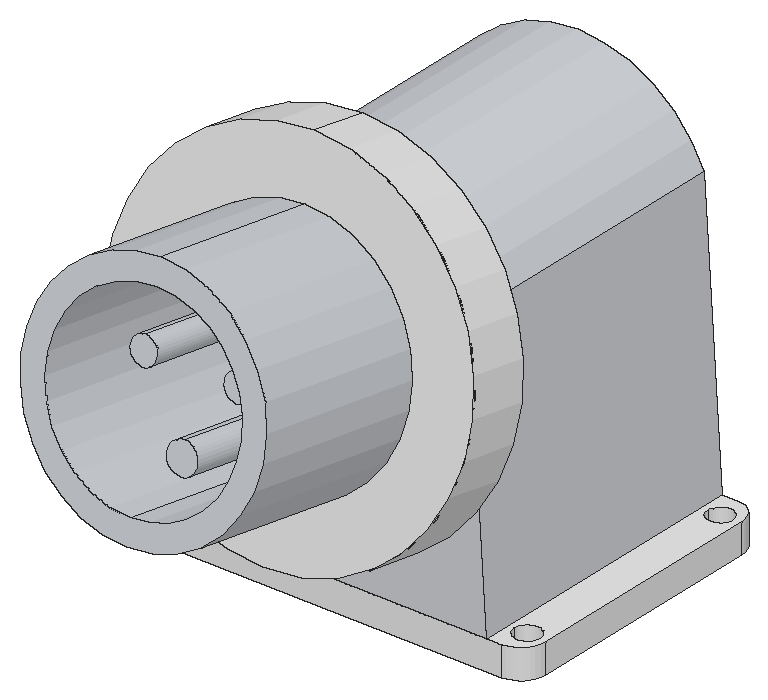
Revit family "Building-ConnessioniIEC309-GEWISS-IEC309HP-SPINE_FISSE_PAR_90°_16A_IP67", category Apparecchi elettrici, host Superficie, Revit 2019
Family settings
  Host = Superficie
  Mantenere orientamento annotazione = Sì
  Quota connettore circolare = Usa diametro
  Tipo di parte = Normale
  Taglio con vuoti quando caricato = No
  Condiviso = Sì
  Punto di calcolo locali = Sì
Parameters (values of type "GW60433 - SPINA 90°PAR.STAG.3P+N+T 16A 500V 7H")
  simbolo acceso [instance] = yes
  distanza_simbolo [instance] = 1 mm
  distanza dal piano [instance] = 0 mm
  W = 115 mm  # constant formula
  Versione file RFA = "21.11"
  URL = "https://www.gewiss.com/it/it"
  Tipologia = "Spina fissa da parete 90°"
  Tipo Cablaggio = "A vite"
  Termopressione con biglia = "125 °C (Parti attive) - 80 °C (Parti passive)"
  Tensione nominale = "480-500V"
  Temperatura di utilizzo = "-25 +55 °C"
  Spostamento_effettivo_S [instance] = 4000 mm - Spostamento_S  # 3045 mm
  Spostamento_S = 955 mm
  Sovraccarico ammissibile = "22A"
  Scheda Tecnica = "https://www.gewiss.com/it/it/search?q=GW60433"
  SPinotto = Default(2)
  SEO = "Spina"
  Riferimento h = "7"
  Resistenza di isolamento = "- 10 M?"
  Resistenza agli urti = "IK08"
  Default Elevation = 1219.2 mm
  Produttore = "GEWISS S.p.A."
  Potere d'interruzione a 1,1 Un = "20A"
  Piastra = Default(2)
  N. poli = "3P+N+T"
  N. Manovre complessive = "-5000"
  Modello = "GW60433"
  L = 155 mm  # constant formula
  Immagine tipo = (empty or 0)
  IDT = "2b37e56dcb534f2a9ad3b794fb4abd05"
  IDF = "768baf7d-4d58-4697-bc6a-93314c947f05"
  Grado di protezione = "IP67"
  Glow wire test: = "850 °C (Parti attive) - 650 °C (Parti passive)"
  Frequenza = "50/60 Hz"
  FORMULA = 1000 mm * 1  # 1000 mm
  Descrizione = "SPINA 90°PAR.STAG.3P+N+T 16A 500V 7H"
  Creato da GEWISS S.p.A. = ""
  Corrente nominale (A) = "16"
  Corpo centrale = Default(2)
  Colore: = "Nero"
  Codice Electrocod = "2230"
  Catalogo = "BUILDING"
  CapacitÃ  serraggio morsetti = "1-2,5 mm² cavi flessibili - 1,5-4 mm² cavi rigidi"
  COBie.Tagnumber = ""
  COBie.CreatedOn = ""
  COBie.CreatebBy = ""
  COBie.ComponentRegisterItemID = ""
  COBie.Component.TagNumber = ""
  COBie.Component.Space = ""
  COBie.Component.SerialNumber = ""
  COBie.Component.InstallationDate = ""
  COBie.Component.Description = ""
  COBie.Component.BarCode = ""
  BLOCCO = "B=C"
Types (11, lengths in mm): name | Tensione nominale | Scheda Tecnica | Riferimento h | N. poli | Modello | IDT | Descrizione | Colore:
  GW60423 - SPINA 90°PAR.STAG.2P+T 16A 110V 4H | "100-130V" | "https://www.gewiss.com/it/it/search?q=GW60423" | "4" | "2P+T" | "GW60423" | "f5b44bdc06d542498c993d102d007d02" | "SPINA 90°PAR.STAG.2P+T 16A 110V 4H" | "Giallo"
  GW60424 - SPINA 90°PAR.STAG.3P+T 16A 110V 4H | "100-130V" | "https://www.gewiss.com/it/it/search?q=GW60424" | "4" | "3P+T" | "GW60424" | "f4f3f08fc6514442af8cdd7d1aa51c58" | "SPINA 90°PAR.STAG.3P+T 16A 110V 4H" | "Giallo"
  GW60425 - SPINA 90°PAR.STAG.3P+N+T 16A 110V 4H | "100-130V" | "https://www.gewiss.com/it/it/search?q=GW60425" | "4" | "3P+N+T" | "GW60425" | "808fd83d4e2c48a3ab33c15e41309be9" | "SPINA 90°PAR.STAG.3P+N+T 16A 110V 4H" | "Giallo"
  GW60426 - SPINA 90°PAR.STAG.2P+T 16A 230V 6H | "200-250V" | "https://www.gewiss.com/it/it/search?q=GW60426" | "6" | "2P+T" | "GW60426" | "697b99747c3b4a82aeac98fdcb2f6f41" | "SPINA 90°PAR.STAG.2P+T 16A 230V 6H" | "Blu"
  GW60427 - SPINA 90°PAR.STAG.3P+T 16A 230V 9H | "200-250V" | "https://www.gewiss.com/it/it/search?q=GW60427" | "9" | "3P+T" | "GW60427" | "1a9037738b0a4c6fbaa3dfc0945013f8" | "SPINA 90°PAR.STAG.3P+T 16A 230V 9H" | "Blu"
  GW60428 - SPINA 90°PAR.STAG.3P+N+T 16A 230V 9H | "200-250V" | "https://www.gewiss.com/it/it/search?q=GW60428" | "9" | "3P+N+T" | "GW60428" | "aec228e1f89b4d9da6fa041c90d4f35f" | "SPINA 90°PAR.STAG.3P+N+T 16A 230V 9H" | "Blu"
  GW60429 - SPINA 90°PAR.STAG.2P+T 16A 400V 9H | "380-415V" | "https://www.gewiss.com/it/it/search?q=GW60429" | "9" | "2P+T" | "GW60429" | "f90fa8f5ed0e4f90801fd373c4ebb1a7" | "SPINA 90°PAR.STAG.2P+T 16A 400V 9H" | "Rosso"
  GW60430 - SPINA 90°PAR.STAG.3P+T 16A 400V 6H | "380-415V" | "https://www.gewiss.com/it/it/search?q=GW60430" | "6" | "3P+T" | "GW60430" | "4bc64be7871b402a897f09b18e9db4e9" | "SPINA 90°PAR.STAG.3P+T 16A 400V 6H" | "Rosso"
  GW60431 - SPINA 90°PAR.STAG.3P+N+T 16A 400V 6H | "380-415V" | "https://www.gewiss.com/it/it/search?q=GW60431" | "6" | "3P+N+T" | "GW60431" | "ea6c0d721b564b25be428356c9a25925" | "SPINA 90°PAR.STAG.3P+N+T 16A 400V 6H" | "Rosso"
  GW60432 - SPINA 90°PAR.STAG.3P+T 16A 500V 7H | "480-500V" | "https://www.gewiss.com/it/it/search?q=GW60432" | "7" | "3P+T" | "GW60432" | "ac129e0cc1de47fe8638024a65a71a28" | "SPINA 90°PAR.STAG.3P+T 16A 500V 7H" | "Nero"
  GW60433 - SPINA 90°PAR.STAG.3P+N+T 16A 500V 7H | "480-500V" | "https://www.gewiss.com/it/it/search?q=GW60433" | "7" | "3P+N+T" | "GW60433" | "2b37e56dcb534f2a9ad3b794fb4abd05" | "SPINA 90°PAR.STAG.3P+N+T 16A 500V 7H" | "Nero"
Reference planes
  plane 1 "Centro (Fronte/Retro)": y = 0
  plane 2: z = 0
  plane 3 "Centro (Sinistra/Destra)": x = 0
  plane 4: x = -3000
  plane 5: x = 45
  plane 6: z = 0
Dimensions and locks
  plane 4 to plane 3 "Centro (Sinistra/Destra)" = 3000 mm
  "Spostamento_effettivo_S": plane 4 to plane 5
  "distanza dal piano": plane 6 to plane 2
  aligned and locked: plane 2 to host face
  aligned and locked: level to host face
  aligned and locked: plane 3 "Centro (Sinistra/Destra)" to nested 1
  aligned and locked: plane 1 "Centro (Fronte/Retro)" to nested 1
  aligned and locked: nested 2 to plane 5
  aligned and locked: nested 1 to host face
Automatic sketch dimensions
  host sketch curve to host sketch curve = 2438.4 mm  (x2)
Nested families
  nested 1: "IEC309 SPINE FISSE PARETE 90° 16A IP67_base" at (0, 0, 0), type "IEC309 SPINE FISSE PARETE 90° 16A IP67_base"
  nested 2: "simbolo_circuito_GW60201" at (45, 171.559, 0), visible <- "simbolo acceso", Distanza dal muro <- "distanza_simbolo", type "3P"
    with SIMBOLO ACCESO yes, Distanza dal muro 1 mm
Connectors
  electrical at (37.5, 30, 0)
    settings: on nested 1, index 1, voltage 0 V, apparent load 0 VA, apparent load phase1 0 VA, apparent load phase2 0 VA, apparent load phase3 0 VA, power factor 1, load classification "Altro", number of poles 1, system type 31, power factor state 1, is connector primary yes, connector utility no, sub classification motor no, connector description ""
Definition of nested family "IEC309 SPINE FISSE PARETE 90° 16A IP67_base"
  Parameters (values of type "IEC309 SPINE FISSE PARETE 90° 16A IP67_base")
    sp_ghiera = 16 mm
    h = 60 mm
    dis_base = 71 mm
    Spinotto = none
    PIASTRA = none
    Lunghezza totale = 140 mm
    CENTRALE = none
    Bsae = 75 mm
  Reference planes
    plane 1 "Centro (Fronte/Retro)": y = 0
    plane 2: z = 0
    plane 3 "Centro (Sinistra/Destra)": x = 0
    plane 4 "EEE": through (4267.2, -291.041, 143.375) normal (0, -0.788, -0.6157)
    plane 5: x = 48
    plane 6: x = 75
    plane 7: y = 60
    plane 8: z = 6
    plane 9: y = 54.607
    plane 10: y = 5.392
    plane 11: x = 37.5
    plane 12: y = 30
    plane 13: through (4267.2, -43.825, 42.63) normal (0, 0.1727, 0.985)
    plane 14: x = 4.026
    plane 15: x = 70.974
  Forms (mm)
    Extrusion 1, solid, material <- "PIASTRA"
      sketch origin (0, 0, 0) x (1, 0, 0) y (0, 1, 0)
        loop
          arc (5, 60) -> (1.464, 58.536) -> (0, 55) r 5
          line (0, 55) -> (0, 5)
          arc (0, 5) -> (1.464, 1.464) -> (5, 0) r 5
          line (5, 0) -> (70, 0)
          arc (70, 0) -> (73.536, 1.464) -> (75, 5) r 5
          line (75, 5) -> (75, 55)
          arc (75, 55) -> (73.536, 58.536) -> (70, 60) r 5
          line (70, 60) -> (5, 60)
      from 0 to 6
    Extrusion 2, void
      sketch origin (0, 0, 0) x (1, 0, 0) y (0, 1, 0)
        loop
          circle (4.026, 54.607) r 2.665
        loop
          circle (70.974, 54.607) r 2.602
        loop
          circle (70.974, 5.392) r 2.692
        loop
          circle (4.026, 5.392) r 2.603
      from 0 to 6
    Extrusion 3, solid
      sketch origin (0, 0, 0) x (1, 0, 0) y (0, 0, 1)
        loop
          line (7.941, 6) -> (67.059, 6) -> (63.313, 63.775)
          arc (63.313, 63.775) -> (37.546, 80.818) -> (11.695, 63.902) r 28.105
          line (11.695, 63.902) -> (7.941, 6)
      from -60 to 0
    Sweep 4, solid
      path origin (0, -3.798, -2.5) x (0, 1, 0) y (0, 0, 1)
        loop
          line (-46.897, 63.702) -> (29.449, 50.32)
      profile origin (0, -12.522, 54.511) x (0, 0.17265, 0.984983) y (1, 0, 0)
        loop
          circle (0, 37.5) r 25
        loop
          circle (0, 37.5) r 20
    Sweep 5, solid
      path origin (0, 0, 1.111) x (0, 1, 0) y (0, 0, 1)
        loop
          line (-13.781, 53.62) -> (-1.383, 51.447)
      profile origin (0, -7.582, 53.645) x (0, 0.17265, 0.984983) y (1, 0, 0)
        loop
          circle (0, 37.5) r 37.67
        loop
          circle (0, 37.5) r 25
    Sweep 6, solid
      path origin (38.125, 0, 4.91) x (0, 1, 0) y (0, 0, 1)
        loop
          line (-41.579, 42.236) -> (0, 34.948)
      profile origin (38.125, -20.79, 43.502) x (0, 0.17265, 0.984983) y (1, 0, 0)
        loop
          circle (0, 0) r 3.2
    Sweep 7, solid
      path origin (47.722, 0, 20.668) x (0, 1, 0) y (0, 0, 1)
        loop
          line (-39.399, 41.854) -> (0, 34.948)
      profile origin (47.722, -19.7, 59.069) x (0, 0.17265, 0.984983) y (1, 0, 0)
        loop
          circle (0, 0) r 2.8
    Sweep 8, solid
      path origin (28.528, 0, 20.668) x (0, 1, 0) y (0, 0, -1)
        loop
          line (-39.399, -41.854) -> (0, -34.948)
      profile origin (28.528, -19.7, 59.069) x (0, -0.17265, -0.984983) y (-1, 0, 0)
        loop
          circle (0, 0) r 2.8
  Cuts and joins
    Extrusion 2 cuts Extrusion 1
    joined: Extrusion 3, Sweep 4, Sweep 6
  Lines and regions (mm)
    symbolic lines
      curve 1: line (265.256, 320.85, 0) -> (277.43, 320.85, 0)
  Dimensions and locks
    "Bsae": plane 3 "Centro (Sinistra/Destra)" to plane 6
    "h": plane 1 "Centro (Fronte/Retro)" to plane 7
    plane 8 to level = 6 mm
    locked: plane 1 "Centro (Fronte/Retro)" to plane 10 at 5.392
    equal spacing: plane 3 "Centro (Sinistra/Destra)", plane 11, plane 6
    locked: plane 7 to plane 9 at 5.393
    equal spacing: plane 1 "Centro (Fronte/Retro)", plane 12, plane 7
    locked: plane 8 to plane 2 at 6
    locked: plane 3 "Centro (Sinistra/Destra)" to plane 14 at 4.026
    locked: plane 15 to plane 6 at 4.026
    radius of Extrusion 1 sketch curve = 5 mm  (x4)
    aligned and locked: level to plane 2
    aligned and locked: Extrusion 1 to level
    aligned and locked: plane 8 to Extrusion 1
    aligned and locked: Extrusion 2 to level
    aligned and locked: plane 8 to Extrusion 2
    aligned and locked: cut or joined group of Extrusion 3, Sweep 4, Sweep 6 to plane 8
    aligned and locked: plane 11 to Sweep 4 sketch curve  (x2)
    aligned and locked: plane 11 to Sweep 5 sketch curve  (x2)
    aligned and locked: plane 14 to Extrusion 2 sketch curve  (x2)
    aligned and locked: plane 15 to Extrusion 2 sketch curve  (x2)
    aligned and locked: plane 7 to Extrusion 3
  Automatic sketch dimensions
    curve 1 to plane 6 = 190.256 mm
    plane 7 to curve 1 = 260.85 mm
    curve 1 to curve 1 = 12.174 mm
    Extrusion 1 sketch curve to plane 3 "Centro (Sinistra/Destra)" = 0 mm
    Extrusion 1 sketch curve to plane 7 = 0 mm
    plane 1 "Centro (Fronte/Retro)" to Extrusion 1 sketch curve = 0 mm
    Extrusion 1 sketch curve to plane 6 = 0 mm
    plane 10 to Extrusion 2 sketch curve = 0 mm
    Extrusion 2 sketch curve to plane 10 = 0 mm
    plane 9 to Extrusion 2 sketch curve = 0 mm
    Extrusion 2 sketch curve to plane 9 = 0 mm
    Extrusion 3 sketch curve to plane 8 = 0 mm
    Extrusion 3 sketch curve to plane 11 = 0.023 mm
    plane 14 to Extrusion 3 sketch curve = 7.669 mm
    plane 14 to Extrusion 3 sketch curve = 3.915 mm
    plane 15 to Extrusion 3 sketch curve = 7.661 mm
    plane 15 to Extrusion 3 sketch curve = 3.915 mm
    plane 8 to Extrusion 3 sketch curve = 46.713 mm
    Extrusion 3 sketch curve to Extrusion 3 sketch curve = 11.189 mm
    Sweep 4 sketch curve to Sweep 4 sketch curve = 0 mm
    Sweep 4 sketch curve to profile plane = 0 mm
    Sweep 6 sketch curve to plane 1 "Centro (Fronte/Retro)" = 0 mm
    plane 8 to Sweep 6 sketch curve = 33.858 mm
    plane 1 "Centro (Fronte/Retro)" to Sweep 6 sketch curve = 41.579 mm
    plane 8 to Sweep 6 sketch curve = 41.146 mm
    Sweep 6 sketch curve to profile plane = 0 mm  (x2)
    Sweep 7 sketch curve to plane 1 "Centro (Fronte/Retro)" = 0 mm
    plane 8 to Sweep 7 sketch curve = 49.616 mm
    plane 1 "Centro (Fronte/Retro)" to Sweep 7 sketch curve = 39.399 mm
    Sweep 7 sketch curve to Sweep 7 sketch curve = 6.906 mm
    Sweep 7 sketch curve to profile plane = 0 mm  (x2)
    Sweep 8 sketch curve to plane 1 "Centro (Fronte/Retro)" = 0 mm
    plane 8 to Sweep 8 sketch curve = 56.522 mm
    plane 1 "Centro (Fronte/Retro)" to Sweep 8 sketch curve = 39.399 mm
    Sweep 8 sketch curve to Sweep 8 sketch curve = 6.906 mm
    profile plane to Sweep 8 sketch curve = 0 mm
    Sweep 8 sketch curve to profile plane = 0 mm
    plane 8 to Sweep 4 sketch curve = 55.202 mm
    Sweep 4 sketch curve to plane 12 = 4.349 mm
    plane 8 to Sweep 4 sketch curve = 41.82 mm
    plane 1 "Centro (Fronte/Retro)" to Sweep 4 sketch curve = 50.696 mm
    plane 1 "Centro (Fronte/Retro)" to Sweep 5 sketch curve = 13.781 mm
    plane 1 "Centro (Fronte/Retro)" to Sweep 5 sketch curve = 1.383 mm
    plane 8 to Sweep 5 sketch curve = 46.558 mm
    Sweep 5 sketch curve to Sweep 5 sketch curve = 2.173 mm
    Sweep 5 sketch curve to Sweep 5 sketch curve = 0 mm
    Sweep 5 sketch curve to profile plane = 0 mm
    radius of Extrusion 2 sketch curve = 2.665 mm
    radius of Extrusion 2 sketch curve = 2.602 mm
    radius of Extrusion 2 sketch curve = 2.692 mm
    radius of Extrusion 2 sketch curve = 2.603 mm
    radius of Sweep 4 sketch curve = 25 mm
    radius of Sweep 4 sketch curve = 20 mm
    radius of Sweep 6 sketch curve = 3.2 mm
    radius of Sweep 7 sketch curve = 2.8 mm
    radius of Sweep 8 sketch curve = 2.8 mm
    radius of Sweep 5 sketch curve = 37.67 mm
    radius of Sweep 5 sketch curve = 25 mm
Definition of nested family "simbolo_circuito_GW60201"
  Parameters (values of type "3P")
    SIMBOLO ACCESO [instance] = yes
    Distanza dal muro [instance] = 0 mm
  Reference planes
    plane 1: y = 0
    plane 2: x = 0
  Dimensions and locks
    "Distanza dal muro": plane 1 to nested 1
    aligned and locked: plane 2 to nested 1
  Nested families
    nested 1: "simbolo_circuito_GW60201_base" at (0, 0, 0), visible <- "SIMBOLO ACCESO", type "3P"
      with CORNICE SIMBOLO yes
  Definition of nested family "simbolo_circuito_GW60201_base"
    Parameters (values of type "3P")
      CORNICE SIMBOLO [instance] = yes
      3P = yes
    Types (2, lengths in mm): name | 3P
      3P | yes
      2P | no
    Reference planes
      plane 1: y = 0
      plane 2: x = 0
    Lines and regions (mm)
      detail lines
        curve 1: arc (0.298, 0.46, 0) -> (0, 0.758, 0) -> (-0.298, 0.46, 0) r 0.298
        curve 2: arc (0.139, 0.652, 0) -> (0, 0.731, 0) -> (-0.139, 0.652, 0) r 0.163
        curve 3: arc (-0.139, 0.106, 0) -> (0, 0.027, 0) -> (0.139, 0.106, 0) r 0.163
        curve 4: circle (0, 2.381, 0) r 0.05 normal (0, 0, 1)
        curve 5: line (0, 3.386, 0) -> (0, 0.758, 0)
        curve 6: line (-0.139, 0.652, 0) -> (-0.139, 0.106, 0)
        curve 7: line (0.139, 0.652, 0) -> (0.139, 0.106, 0)
      detail lines, not visible
        curve 8: arc (2.679, 0.46, 0) -> (2.381, 0.758, 0) -> (2.083, 0.46, 0) r 0.298
        curve 9: arc (2.52, 0.652, 0) -> (2.381, 0.731, 0) -> (2.241, 0.652, 0) r 0.163
        curve 10: arc (2.241, 0.106, 0) -> (2.381, 0.027, 0) -> (2.52, 0.106, 0) r 0.163
        curve 11: circle (2.381, 2.381, 0) r 0.05 normal (0, 0, 1)
        curve 12: line (2.381, 3.386, 0) -> (2.381, 0.758, 0)
        curve 13: line (2.241, 0.652, 0) -> (2.241, 0.106, 0)
        curve 14: line (2.52, 0.652, 0) -> (2.52, 0.106, 0)
